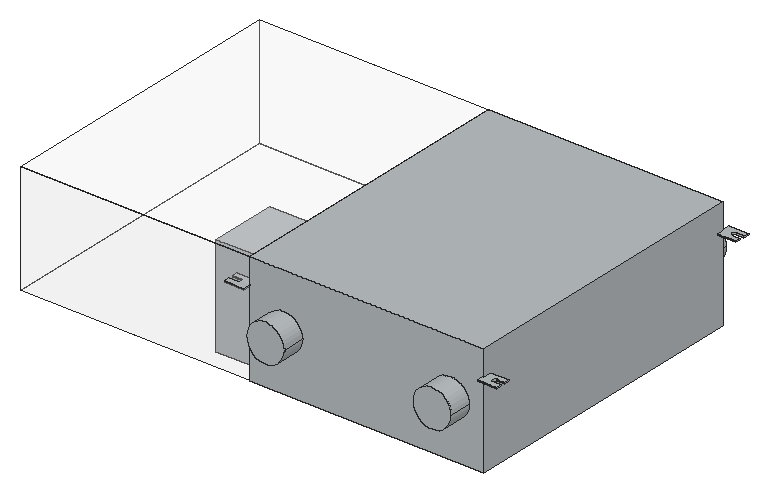
Revit family "lgh-n15_100rxw_rxv(d)_50Hz", category 機械設備, Revit 2019
Family settings
  丸型コネクタ寸法 = 直径を使用
  パーツ タイプ = 標準
  OmniClass 番号 = 23.75.10.34.21
  OmniClass タイトル = Heat Exchangers for Ventilation Air
  作業面ベース = いいえ
  常に垂直 = はい
  ロード時にボイドで切り取り = いいえ
  共有 = いいえ
  部屋計算ポイント = はい
Parameters (values of type "LGH-N15RXW_100V")
  騒音レベル(dB(A)) = 31
  風量 = SMAX風量  # 150.0 m³/h
  面風速 = 5.31 m/s
  電源種別 [instance] = "一般"
  電圧 = 100 V
  電動機出力 = 0 W
  集中コントローラ = ""
  運転質量 = 0.00 kg
  連動 [instance] = ""
  質量 = if(製品質量 > 運転質量, 製品質量, 運転質量) * 1.2  # 26.40 kg
  負荷分類 = 10_ファンコイル類
  説明 = "業務用ロスナイ 天井埋込形 DCマイコン"
  設計風量 = SMAX風量  # 150.0 m³/h
  設置方法 = "天井吊(隠ぺい)形"
  記号 [instance] = ""
  製造元 = "MITSIBISHI ELECTRIC"
  製品質量 = 22.00 kg
  製品出荷対象 = "国内"
  製品リリース年月 = "2020/7/20"
  製品グループ = ""
  系統 [instance] = ""
  符号 = "HEU"
  積算_科目 = "1 空気調和設備"
  積算_拾い区分 [instance] = ""
  相 = 1
  盤記号 [instance] = ""
  発停方法 [instance] = "別売スイッチ"
  特殊仕様 [instance] = ""
  点検口高さ = -Height  # -290 mm
  点検口離隔 = 150 mm
  点検口_Depth = 450 mm
  点検口 = yes
  火災停止 [instance] = "〇"
  温度交換効率 = 74.00%
  消費電力 = 85 W
  法定耐用年数 = "15"
  機外静圧_排気 = SMAX静圧  # 210.0 Pa
  機外静圧 = SMAX静圧  # 210.0 Pa
  極数 = 1
  材質 [instance] = ""
  本体マテリアル = 亜鉛めっき鋼板
  操作・制御方式 = ""
  操作・制御スイッチ = ""
  排気量 = SMAX風量  # 150.0 m³/h
  形式 = "天井埋込ダクト形"
  幹線記号 [instance] = ""
  対象室 [instance] = ""
  実風量 = SMAX風量  # 150.0 m³/h
  始動方式 [instance] = "直入"
  天吊金具_径 = 6.5 mm
  天吊金具_幅 = 20 mm
  外気量 = SMAX風量  # 150.0 m³/h
  呼称 = "全熱交換ユニット"
  周波数 = 50 Hz
  天吊金具ピッチ2 = 780 mm
  天吊金具ピッチ1 = 670 mm
  天吊金具_高さ = 65 mm
  参照している仕様書等のバージョン = "公共建築物標準仕様書（機械設備工事編）平成31年度版"
  初期抵抗 = 0.0 Pa
  分類コード = "50052504100070"
  分類グループ = ""
  価格 = 209000
  企業コード = "108420"
  付属品_フィルター_還気 = ""
  付属品_フィルター = ""
  付属品 [instance] = ""
  仕様書バージョン = "Version1.0"
  モデル = "LGH-N15RXW"
  メンテナンススペース = yes
  コメント [instance] = ""
  Keynote = ""
  エンタルピ交換効率_暖房 = 75.50%
  エンタルピ交換効率_冷房 = 64.50%
  Assembly Code = ""
  Width = 610 mm
  Version = ""
  Uniclass2015Version = "Systems v1.9"
  Uniclass2015Title = "Thermal wheels"
  Uniclass2015Code = "Pr_60_60_36_88"
  URL = "https://www.mitsubishielectric.co.jp/ldg/wink/ssl/displayProduct.do?pid=306592&ccd=2020171025"
  SpecificationReference = ""
  SpecificationDescription = ""
  SMAX風量 = 150.0 m³/h
  SMAX静圧 = 210.0 Pa
  SAサイズ_D = 97.5 mm
  Revision = ""
  RAサイズ_D = 97.5 mm
  ProductInformation = ""
  OmniClassCode = "23-27 23 19 11"
  OAダクト接続口方向_標準 = yes
  OAダクト接続口方向_変更 = not(OAダクト接続口方向_標準)  # no
  OAサイズ_W = 0 mm
  OAサイズ_D = 97.5 mm
  MIN風量 = 66.0 m³/h
  MIN静圧 = 35.0 Pa
  MID風量 = 108.0 m³/h
  MID静圧 = 93.0 Pa
  MAX風量 = 150.0 m³/h
  MAX静圧 = 180.0 Pa
  IfcTypeProduct = ""
  IfcProduct = ""
  IfcExportType = "ROTARYWHEEL"
  IfcExportAs = "IfcAirToAirHeatRecoveryType"
  Height = 290 mm
  EAダクト接続口方向_変更 = not(EAダクト接続口方向_標準)  # no
  EAダクト接続口方向_標準 = yes
  EAサイズ_W = 0 mm
  EAサイズ_D = 97.5 mm
  Duct_Pitch = 435 mm
  Duct_Height = 145 mm
  Duct_Depth = 59 mm
  DuctChange_Center = 118 mm
  Depth = 780 mm
  Clearance Top = Height  # 290 mm
  Clearance Left = 600 mm
  Box_Width = 175 mm
  Box_Height = 261 mm
  Box_H = 15 mm
  Box_Depth = 115 mm
  Box_W = 33 mm
  Author = "MITSUBISHI ELECTRIC"
Types (14, lengths in mm): name | 騒音レベル(dB(A)) | 風量 | 面風速 | 電圧 | 質量 | 設計風量 | 製品質量 | 点検口高さ | 温度交換効率 | 消費電力 | 機外静圧_排気 | 機外静圧 | 排気量 | 実風量 | 外気量 | 天吊金具ピッチ2 | 天吊金具ピッチ1 | 天吊金具_高さ | 価格 | モデル | エンタルピ交換効率_暖房 | エンタルピ交換効率_冷房 | Width | URL | SMAX風量 | SMAX静圧 | SAサイズ_D | RAサイズ_D | OAサイズ_D | MIN風量 | MIN静圧 | MID風量 | MID静圧 | MAX風量 | MAX静圧 | Height | EAサイズ_D | Duct_Pitch | Duct_Height | Duct_Depth | DuctChange_Center | Depth | Clearance Top | Box_H | Box_W
  LGH-N15RXW_100V | 31 | 150.0 m³/h | 5.31 m/s | 100 V | 26.40 kg | 150.0 m³/h | 22.00 kg | -290 | 74.00% | 85 W | 210.0 Pa | 210.0 Pa | 150.0 m³/h | 150.0 m³/h | 150.0 m³/h | 780 | 670 | 65 | 209000 | "LGH-N15RXW" | 75.50% | 64.50% | 610 | "https://www.mitsubishielectric.co.jp/ldg/wink/ssl/displayProduct.do?pid=306592&ccd=2020171025" | 150.0 m³/h | 210.0 Pa | 97.5 | 97.5 | 97.5 | 66.0 m³/h | 35.0 Pa | 108.0 m³/h | 93.0 Pa | 150.0 m³/h | 180.0 Pa | 290 | 97.5 | 435 | 145 | 59 | 118 | 780 | 290 | 15 | 33
  LGH-N15RXW_200V | 31 | 150.0 m³/h | 5.31 m/s | 200 V | 26.40 kg | 150.0 m³/h | 22.00 kg | -290 | 74.00% | 85 W | 210.0 Pa | 210.0 Pa | 150.0 m³/h | 150.0 m³/h | 150.0 m³/h | 780 | 670 | 65 | 209000 | "LGH-N15RXW" | 75.50% | 64.50% | 610 | "https://www.mitsubishielectric.co.jp/ldg/wink/ssl/displayProduct.do?pid=306592&ccd=2020171025" | 150.0 m³/h | 210.0 Pa | 97.5 | 97.5 | 97.5 | 66.0 m³/h | 35.0 Pa | 108.0 m³/h | 93.0 Pa | 150.0 m³/h | 180.0 Pa | 290 | 97.5 | 435 | 145 | 59 | 118 | 780 | 290 | 15 | 33
  LGH-N25RXW_100V | 30 | 250.0 m³/h | 3.93 m/s | 100 V | 27.60 kg | 250.0 m³/h | 23.00 kg | -290 | 70.00% | 110 W | 170.0 Pa | 170.0 Pa | 250.0 m³/h | 250.0 m³/h | 250.0 m³/h | 780 | 795 | 65 | 229000 | "LGH-N25RXW" | 73.00% | 63.00% | 735 | "https://www.mitsubishielectric.co.jp/ldg/wink/ssl/displayProduct.do?pid=306594&ccd=2020171025" | 250.0 m³/h | 170.0 Pa | 142 | 142 | 142 | 110.0 m³/h | 28.0 Pa | 180.0 m³/h | 75.0 Pa | 250.0 m³/h | 145.0 Pa | 290 | 142 | 520 | 145 | 69 | 118 | 780 | 290 | 15 | 33
  LGH-N25RXW_200V | 30 | 250.0 m³/h | 3.93 m/s | 200 V | 27.60 kg | 250.0 m³/h | 23.00 kg | -290 | 70.00% | 110 W | 170.0 Pa | 170.0 Pa | 250.0 m³/h | 250.0 m³/h | 250.0 m³/h | 780 | 795 | 65 | 229000 | "LGH-N25RXW" | 73.00% | 63.00% | 735 | "https://www.mitsubishielectric.co.jp/ldg/wink/ssl/displayProduct.do?pid=306594&ccd=2020171025" | 250.0 m³/h | 170.0 Pa | 142 | 142 | 142 | 110.0 m³/h | 28.0 Pa | 180.0 m³/h | 75.0 Pa | 250.0 m³/h | 145.0 Pa | 290 | 142 | 520 | 145 | 69 | 118 | 780 | 290 | 15 | 33
  LGH-N35RXW_100V | 33 | 350.0 m³/h | 5.5 m/s | 100 V | 38.40 kg | 350.0 m³/h | 32.00 kg | -330 | 71.50% | 210 W | 300.0 Pa | 300.0 Pa | 350.0 m³/h | 350.0 m³/h | 350.0 m³/h | 890 | 935 | 70 | 252000 | "LGH-N35RXW" | 74.50% | 65.50% | 875 | "https://www.mitsubishielectric.co.jp/ldg/wink/ssl/displayProduct.do?pid=306595&ccd=2020171025" | 350.0 m³/h | 300.0 Pa | 142 | 142 | 142 | 154.0 m³/h | 36.0 Pa | 252.0 m³/h | 96.0 Pa | 350.0 m³/h | 185.0 Pa | 330 | 142 | 600 | 165 | 69 | 140 | 890 | 330 | 23 | 68
  LGH-N35RXW_200V | 33 | 350.0 m³/h | 5.5 m/s | 200 V | 38.40 kg | 350.0 m³/h | 32.00 kg | -330 | 71.50% | 210 W | 300.0 Pa | 300.0 Pa | 350.0 m³/h | 350.0 m³/h | 350.0 m³/h | 890 | 935 | 70 | 252000 | "LGH-N35RXW" | 74.50% | 65.50% | 875 | "https://www.mitsubishielectric.co.jp/ldg/wink/ssl/displayProduct.do?pid=306595&ccd=2020171025" | 350.0 m³/h | 300.0 Pa | 142 | 142 | 142 | 154.0 m³/h | 36.0 Pa | 252.0 m³/h | 96.0 Pa | 350.0 m³/h | 185.0 Pa | 330 | 142 | 600 | 165 | 69 | 140 | 890 | 330 | 23 | 68
  LGH-N50RXW_100V | 37 | 500.0 m³/h | 4.42 m/s | 100 V | 43.20 kg | 500.0 m³/h | 36.00 kg | -330 | 71.00% | 315 W | 310.0 Pa | 310.0 Pa | 500.0 m³/h | 500.0 m³/h | 500.0 m³/h | 890 | 1080 | 70 | 310000 | "LGH-N50RXW" | 73.00% | 63.00% | 1020 | "https://www.mitsubishielectric.co.jp/ldg/wink/ssl/displayProduct.do?pid=306596&ccd=2020171025" | 500.0 m³/h | 310.0 Pa | 192 | 192 | 192 | 220.0 m³/h | 37.0 Pa | 360.0 m³/h | 98.0 Pa | 500.0 m³/h | 190.0 Pa | 330 | 192 | 700 | 165 | 84 | 130 | 890 | 330 | 23 | 68
  LGH-N50RXW_200V | 37 | 500.0 m³/h | 4.42 m/s | 200 V | 43.20 kg | 500.0 m³/h | 36.00 kg | -330 | 71.00% | 315 W | 310.0 Pa | 310.0 Pa | 500.0 m³/h | 500.0 m³/h | 500.0 m³/h | 890 | 1080 | 70 | 310000 | "LGH-N50RXW" | 73.00% | 63.00% | 1020 | "https://www.mitsubishielectric.co.jp/ldg/wink/ssl/displayProduct.do?pid=306596&ccd=2020171025" | 500.0 m³/h | 310.0 Pa | 192 | 192 | 192 | 220.0 m³/h | 37.0 Pa | 360.0 m³/h | 98.0 Pa | 500.0 m³/h | 190.0 Pa | 330 | 192 | 700 | 165 | 84 | 130 | 890 | 330 | 23 | 68
  LGH-N65RXW_100V | 40 | 650.0 m³/h | 5.75 m/s | 100 V | 50.40 kg | 650.0 m³/h | 42.00 kg | -404 | 71.50% | 445 W | 320.0 Pa | 320.0 Pa | 650.0 m³/h | 650.0 m³/h | 650.0 m³/h | 984 | 952 | 76 | 415000 | "LGH-N65RXW" | 72.00% | 63.00% | 892 | "https://www.mitsubishielectric.co.jp/ldg/wink/ssl/displayProduct.do?pid=306597&ccd=2020171025" | 650.0 m³/h | 320.0 Pa | 192 | 192 | 192 | 286.0 m³/h | 45.0 Pa | 468.0 m³/h | 119.0 Pa | 650.0 m³/h | 230.0 Pa | 404 | 192 | 620 | 202 | 84 | 122 | 984 | 404 | 57 | 71
  LGH-N65RXW_200V | 40 | 650.0 m³/h | 5.75 m/s | 200 V | 50.40 kg | 650.0 m³/h | 42.00 kg | -404 | 71.50% | 445 W | 320.0 Pa | 320.0 Pa | 650.0 m³/h | 650.0 m³/h | 650.0 m³/h | 984 | 952 | 76 | 415000 | "LGH-N65RXW" | 72.00% | 63.00% | 892 | "https://www.mitsubishielectric.co.jp/ldg/wink/ssl/displayProduct.do?pid=306597&ccd=2020171025" | 650.0 m³/h | 320.0 Pa | 192 | 192 | 192 | 286.0 m³/h | 45.0 Pa | 468.0 m³/h | 119.0 Pa | 650.0 m³/h | 230.0 Pa | 404 | 192 | 620 | 202 | 84 | 122 | 984 | 404 | 57 | 71
  LGH-N80RXV | 40 | 800.0 m³/h | 4.53 m/s | 100 V | 62.40 kg | 800.0 m³/h | 52.00 kg | -404 | 73.00% | 540 W | 310.0 Pa | 310.0 Pa | 800.0 m³/h | 800.0 m³/h | 800.0 m³/h | 1144 | 1064 | 76 | 495000 | "LGH-N80RXV" | 75.00% | 65.00% | 1004 | "https://www.mitsubishielectric.co.jp/ldg/wink/ssl/displayProduct.do?pid=306598&ccd=2020171025" | 800.0 m³/h | 310.0 Pa | 242 | 242 | 242 | 352.0 m³/h | 37.0 Pa | 576.0 m³/h | 98.0 Pa | 800.0 m³/h | 190.0 Pa | 404 | 242 | 690 | 202 | 84 | 165 | 1144 | 404 | 88 | 146
  LGH-N80RXVD | 40 | 800.0 m³/h | 4.53 m/s | 200 V | 62.40 kg | 800.0 m³/h | 52.00 kg | -404 | 73.00% | 540 W | 310.0 Pa | 310.0 Pa | 800.0 m³/h | 800.0 m³/h | 800.0 m³/h | 1144 | 1064 | 76 | 495000 | "LGH-N80RXVD" | 75.00% | 65.00% | 1004 | "https://www.mitsubishielectric.co.jp/ldg/wink/ssl/displayProduct.do?pid=306599&ccd=2020171025" | 800.0 m³/h | 310.0 Pa | 242 | 242 | 242 | 352.0 m³/h | 37.0 Pa | 576.0 m³/h | 98.0 Pa | 800.0 m³/h | 190.0 Pa | 404 | 242 | 690 | 202 | 84 | 165 | 1144 | 404 | 88 | 146
  LGH-N100RXV | 38 | 1000.0 m³/h | 5.66 m/s | 100 V | 68.40 kg | 1000.0 m³/h | 57.00 kg | -404 | 73.00% | 580 W | 225.0 Pa | 225.0 Pa | 1000.0 m³/h | 1000.0 m³/h | 1000.0 m³/h | 1144 | 1291 | 76 | 564000 | "LGH-N100RXV" | 75.00% | 65.00% | 1231 | "https://www.mitsubishielectric.co.jp/ldg/wink/ssl/displayProduct.do?pid=306589&ccd=2020171025" | 1000.0 m³/h | 225.0 Pa | 242 | 242 | 242 | 440.0 m³/h | 32.0 Pa | 720.0 m³/h | 86.0 Pa | 1000.0 m³/h | 165.0 Pa | 404 | 242 | 917 | 202 | 84 | 165 | 1144 | 404 | 88 | 146
  LGH-N100RXVD | 38 | 1000.0 m³/h | 5.66 m/s | 200 V | 68.40 kg | 1000.0 m³/h | 57.00 kg | -404 | 73.00% | 580 W | 225.0 Pa | 225.0 Pa | 1000.0 m³/h | 1000.0 m³/h | 1000.0 m³/h | 1144 | 1291 | 76 | 564000 | "LGH-N100RXVD" | 75.00% | 65.00% | 1231 | "https://www.mitsubishielectric.co.jp/ldg/wink/ssl/displayProduct.do?pid=306590&ccd=2020171025" | 1000.0 m³/h | 225.0 Pa | 242 | 242 | 242 | 440.0 m³/h | 32.0 Pa | 720.0 m³/h | 86.0 Pa | 1000.0 m³/h | 165.0 Pa | 404 | 242 | 917 | 202 | 84 | 165 | 1144 | 404 | 88 | 146
Reference planes
  plane 1 "中心(正面/背面)": y = 0
  plane 2: z = 0
  plane 3 "中心(左/右)": x = 0
  plane 4: x = -305
  plane 5: x = 305
  plane 6: y = 390
  plane 7: y = -390
  plane 8: z = -290
  plane 9: z = -145
  plane 10: x = -217.5
  plane 11: x = 217.5
  plane 12: y = -449
  plane 13: y = 449
  plane 14: y = 272
  plane 15: x = -364
  plane 16: x = 364
  plane 17: x = -905
  plane 18: y = -357
  plane 19: y = -182
  plane 20: z = -15
  plane 21: z = -276
  plane 22: x = -420
  plane 23: x = -455
  plane 24: y = 225
  plane 25: x = -335
  plane 26: x = 335
  plane 27: y = 390
  plane 28: y = -390
  plane 29: y = -225
  plane 30: x = -355
  plane 31: y = 410
  plane 32: y = 370
  plane 33: y = -370
  plane 34: y = -410
  plane 35: z = -5
  plane 36: z = -65
  plane 37: z = -68
  plane 38: x = 355
Forms (mm)
  Extrusion 1, solid, material "亜鉛めっき鋼板" <- "本体マテリアル", detail levels fine
    sketch origin (0, 0, 0) x (1, 0, 0) y (0, 1, 0)
      loop
        line (-305, 390) -> (-305, -390) -> (305, -390) -> (305, 390) -> (-305, 390)
    from 0 to -290
  Extrusion 2, solid, material "亜鉛めっき鋼板" <- "本体マテリアル", detail levels fine
    sketch origin (510, -445, 0) x (-1, 0, 0) y (0, 0, -1)
      loop
        circle (292.5, 145) r 48.75
    from -55 to 4
  Extrusion 3, solid, material "亜鉛めっき鋼板" <- "本体マテリアル", detail levels fine
    sketch origin (-305, -390, 0) x (0, 1, 0) y (0, 0, -1)
      loop
        line (208, 15) -> (208, 276) -> (33, 276) -> (33, 15) -> (208, 15)
    from 0 to 115
  Extrusion 4, solid, material "亜鉛めっき鋼板" <- "本体マテリアル", detail levels fine
    sketch origin (0, 0, 0) x (1, 0, 0) y (0, 1, 0)
      loop
        line (-355, 410) -> (-355, 396.5) -> (-335, 396.5)
        arc (-335, 396.5) -> (-328.5, 390) -> (-335, 383.5) r 6.5
        line (-335, 383.5) -> (-355, 383.5) -> (-355, 370) -> (-305, 370) -> (-305, 410) -> (-355, 410)
    from -65 to -68
  Extrusion 5, solid, material "亜鉛めっき鋼板" <- "本体マテリアル", detail levels fine
    sketch origin (0, 0, 0) x (1, 0, 0) y (0, 1, 0)
      loop
        line (-355, -410) -> (-305, -410) -> (-305, -370) -> (-355, -370) -> (-355, -383.5) -> (-335, -383.5)
        arc (-335, -383.5) -> (-328.5, -390) -> (-335, -396.5) r 6.5
        line (-335, -396.5) -> (-355, -396.5) -> (-355, -410)
    from -65 to -68
  Extrusion 6, solid, material "亜鉛めっき鋼板" <- "本体マテリアル", detail levels fine
    sketch origin (0, 0, 0) x (-1, 0, 0) y (0, -1, 0)
      loop
        line (-355, 410) -> (-355, 396.5) -> (-335, 396.5)
        arc (-335, 396.5) -> (-328.5, 390) -> (-335, 383.5) r 6.5
        line (-335, 383.5) -> (-355, 383.5) -> (-355, 370) -> (-305, 370) -> (-305, 410) -> (-355, 410)
    from -65 to -68
  Extrusion 7, solid, material "亜鉛めっき鋼板" <- "本体マテリアル", detail levels fine
    sketch origin (0, 0, 0) x (-1, 0, 0) y (0, -1, 0)
      loop
        line (-355, -410) -> (-305, -410) -> (-305, -370) -> (-355, -370) -> (-355, -383.5) -> (-335, -383.5)
        arc (-335, -383.5) -> (-328.5, -390) -> (-335, -396.5) r 6.5
        line (-335, -396.5) -> (-355, -396.5) -> (-355, -410)
    from -65 to -68
  Extrusion 8, solid, material "亜鉛めっき鋼板" <- "本体マテリアル", visible <- "EAダクト接続口方向_標準", detail levels fine
    sketch origin (510, 445, 0) x (-1, 0, 0) y (0, 0, 1)
      loop
        circle (292.5, -145) r 48.75
    from -55 to 4
  Extrusion 9, solid, material "亜鉛めっき鋼板" <- "本体マテリアル", visible <- "OAダクト接続口方向_標準", detail levels fine
    sketch origin (-510, 445, 0) x (1, 0, 0) y (0, 0, -1)
      loop
        circle (292.5, 145) r 48.75
    from -55 to 4
  Extrusion 10, solid, material "亜鉛めっき鋼板" <- "本体マテリアル", detail levels fine
    sketch origin (-510, -445, 0) x (1, 0, 0) y (0, 0, 1)
      loop
        circle (292.5, -145) r 48.75
    from -55 to 4
  Extrusion 11, solid, material "亜鉛めっき鋼板" <- "本体マテリアル", visible <- "EAダクト接続口方向_変更", detail levels fine
    sketch origin (0, 0, 0) x (0, 1, 0) y (0, 0, 1)
      loop
        circle (272, -145) r 48.75
    from 305 to 364
  Extrusion 12, solid, material "亜鉛めっき鋼板" <- "本体マテリアル", visible <- "OAダクト接続口方向_変更", detail levels fine
    sketch origin (0, 0, 0) x (0, 1, 0) y (0, 0, -1)
      loop
        circle (272, 145) r 48.75
    from 305 to 364
Lines and regions (mm)
  Masking region 1, detail levels coarse+medium
    outline origin (1326.5, 29, 0) x (1, 0, 0) y (0, 1, 0)
      loop
        line (-1631.5, 361) -> (-1631.5, -419) -> (-1021.5, -419) -> (-1021.5, 361) -> (-1631.5, 361)
  symbolic lines, detail levels coarse+medium
    curve 1: line (0, 390, 0) -> (-305, 0, 0)
    curve 2: line (-305, 0, 0) -> (0, -390, 0)
    curve 3: line (0, -390, 0) -> (305, 0, 0)
    curve 4: line (305, 0, 0) -> (0, 390, 0)
Dimensions and locks
  equal spacing: plane 4, plane 3 "中心(左/右)", plane 5
  "Width": plane 4 to plane 5
  equal spacing: plane 6, plane 1 "中心(正面/背面)", plane 7
  "Depth": plane 6 to plane 7
  "Height": level to plane 8
  "Duct_Height": level to plane 9
  equal spacing: plane 11, plane 3 "中心(左/右)", plane 10
  "Duct_Pitch": plane 11 to plane 10
  "Duct_Depth": plane 13 to plane 6
  "Duct_Depth": plane 7 to plane 12
  "DuctChange_Center": plane 6 to plane 14
  "Duct_Depth": plane 5 to plane 16
  "Duct_Depth": plane 15 to plane 4
  "Clearance Left": plane 17 to plane 4
  "Clearance Top": nested 1 to plane 8
  "Box_H": level to plane 20
  "Box_Height": plane 20 to plane 21
  "Box_W": plane 18 to plane 7
  "Box_Width": plane 19 to plane 18
  "Box_Depth": plane 22 to plane 4
  "点検口離隔": plane 23 to plane 4
  equal spacing: plane 25, plane 3 "中心(左/右)", plane 26
  "天吊金具ピッチ1": plane 25 to plane 26
  equal spacing: plane 27, plane 1 "中心(正面/背面)", plane 28
  "天吊金具ピッチ2": plane 27 to plane 28
  equal spacing: plane 24, plane 1 "中心(正面/背面)", plane 29
  "点検口_Depth": plane 24 to plane 29
  equal spacing: plane 31, plane 27, plane 32
  locked: plane 31 to plane 32 at 40
  "天吊金具_幅": plane 30 to plane 25
  "天吊金具_高さ": level to plane 36
  locked: plane 36 to plane 37 at 3
  equal spacing: plane 33, plane 28, plane 34
  locked: plane 33 to plane 34 at 40
  "天吊金具_幅": plane 26 to plane 38
  "RAサイズ_D": diameter of Extrusion 2 sketch curve
  "天吊金具_径": radius of Extrusion 4 sketch curve
  "天吊金具_径": radius of Extrusion 5 sketch curve
  "天吊金具_径": radius of Extrusion 6 sketch curve
  "天吊金具_径": radius of Extrusion 7 sketch curve
  "EAサイズ_D": diameter of Extrusion 8 sketch curve
  "OAサイズ_D": diameter of Extrusion 9 sketch curve
  "SAサイズ_D": diameter of Extrusion 10 sketch curve
  "EAサイズ_D": diameter of Extrusion 11 sketch curve
  "EAサイズ_D": diameter of Extrusion 12 sketch curve
  aligned and locked: level to plane 2
  aligned and locked: Extrusion 1 to plane 8
  aligned and locked: plane 7 to Extrusion 2
  aligned and locked: Extrusion 2 to plane 12
  aligned and locked: plane 17 to nested 1
  aligned and locked: plane 4 to nested 1
  aligned and locked: nested 1 to plane 6
  aligned and locked: nested 1 to plane 7
  aligned and locked: plane 2 to nested 1
  aligned and locked: plane 8 to nested 1
  aligned and locked: Extrusion 3 to plane 22
  aligned and locked: plane 4 to Extrusion 3
  aligned and locked: Masking region 1 to plane 4
  aligned and locked: plane 5 to Masking region 1
  aligned and locked: plane 6 to Masking region 1
  aligned and locked: Masking region 1 to plane 7
  aligned and locked: plane 26 to nested 2
  aligned and locked: plane 25 to nested 2
  aligned and locked: nested 2 to plane 28
  aligned and locked: plane 27 to nested 2
  aligned and locked: Extrusion 3 to plane 19
  aligned and locked: Extrusion 3 to plane 21
  aligned and locked: plane 20 to Extrusion 3
  aligned and locked: plane 18 to Extrusion 3
  aligned and locked: plane 23 to nested 3
  aligned and locked: plane 17 to nested 3
  aligned and locked: plane 24 to nested 3
  aligned and locked: nested 3 to plane 29
  aligned and locked: plane 4 to Extrusion 4
  aligned and locked: Extrusion 4 to plane 30  (x2)
  aligned and locked: plane 31 to Extrusion 4
  aligned and locked: Extrusion 4 to plane 36
  aligned and locked: Extrusion 4 to plane 37
  aligned and locked: plane 4 to Extrusion 5
  aligned and locked: plane 33 to Extrusion 5
  aligned and locked: Extrusion 5 to plane 34
  aligned and locked: Extrusion 5 to plane 30  (x2)
  aligned and locked: Extrusion 5 to Extrusion 4  (x2)
  aligned and locked: Extrusion 7 to plane 38  (x2)
  aligned and locked: Extrusion 7 to plane 32
  aligned and locked: plane 31 to Extrusion 7
  aligned and locked: Extrusion 6 to plane 38
  aligned and locked: Extrusion 6 to plane 34
  aligned and locked: Extrusion 6 to plane 5
  aligned and locked: plane 33 to Extrusion 6
  aligned and locked: Extrusion 6 to plane 37
  aligned and locked: plane 36 to Extrusion 6
  aligned and locked: Extrusion 7 to plane 37
  aligned and locked: plane 36 to Extrusion 7
  aligned and locked: plane 13 to Extrusion 8
  aligned and locked: Extrusion 8 to plane 6
  aligned and locked: plane 13 to Extrusion 9
  aligned and locked: Extrusion 9 to plane 6
  aligned and locked: Extrusion 10 to plane 12
  aligned and locked: plane 7 to Extrusion 10
  aligned and locked: plane 16 to Extrusion 11
  aligned and locked: Extrusion 11 to plane 5
  aligned and locked: plane 4 to Extrusion 12
  aligned and locked: Extrusion 12 to plane 15
Automatic sketch dimensions
  plane 1 "中心(正面/背面)" to curve 1 = 0 mm
  curve 1 to plane 4 = 0 mm
  curve 2 to plane 3 "中心(左/右)" = 0 mm
  curve 4 to plane 3 "中心(左/右)" = 0 mm
  plane 1 "中心(正面/背面)" to curve 4 = 0 mm
  curve 4 to plane 5 = 0 mm
  curve 2 to plane 7 = 0 mm
  curve 4 to plane 6 = 0 mm
  Extrusion 1 sketch curve to plane 4 = 0 mm
  Extrusion 1 sketch curve to plane 5 = 0 mm
  Extrusion 1 sketch curve to plane 7 = 0 mm
  Extrusion 1 sketch curve to plane 6 = 0 mm
  Extrusion 2 sketch curve to plane 9 = 0 mm
  Extrusion 2 sketch curve to plane 11 = 0 mm
  Extrusion 3 sketch curve to Extrusion 1 = 33 mm
  Extrusion 1 to Extrusion 3 sketch curve = 14 mm
  Extrusion 3 sketch curve to Extrusion 3 sketch curve = 175 mm
  Extrusion 1 to Extrusion 3 sketch curve = 15 mm
  Masking region 1 sketch curve to plane 4 = 0 mm
  Masking region 1 sketch curve to plane 5 = 0 mm
  Masking region 1 sketch curve to plane 7 = 0 mm
  Masking region 1 sketch curve to plane 6 = 0 mm
  Extrusion 8 sketch curve to plane 9 = 0 mm
  Extrusion 8 sketch curve to plane 11 = 0 mm
  Extrusion 9 sketch curve to plane 9 = 0 mm
  Extrusion 9 sketch curve to plane 10 = 0 mm
  Extrusion 10 sketch curve to plane 9 = 0 mm
  Extrusion 10 sketch curve to plane 10 = 0 mm
  Extrusion 11 sketch curve to plane 9 = 0 mm
  Extrusion 11 sketch curve to plane 14 = 0 mm
  Extrusion 12 sketch curve to plane 9 = 0 mm
  Extrusion 12 sketch curve to plane 14 = 0 mm
  Extrusion 4 sketch curve to plane 30 = 0 mm  (x2)
  Extrusion 4 sketch curve to plane 25 = 0 mm
  Extrusion 4 sketch curve to plane 4 = 0 mm
  Extrusion 4 sketch curve to plane 32 = 0 mm
  Extrusion 4 sketch curve to plane 6 = 0 mm
  Extrusion 4 sketch curve to plane 31 = 0 mm
  Extrusion 5 sketch curve to plane 30 = 0 mm  (x2)
  Extrusion 5 sketch curve to plane 25 = 0 mm
  Extrusion 5 sketch curve to plane 4 = 0 mm
  Extrusion 5 sketch curve to plane 33 = 0 mm
  Extrusion 5 sketch curve to plane 7 = 0 mm
  Extrusion 5 sketch curve to plane 34 = 0 mm
  Extrusion 6 sketch curve to plane 34 = 0 mm
  Extrusion 6 sketch curve to plane 38 = 0 mm  (x2)
  Extrusion 6 sketch curve to plane 26 = 0 mm
  Extrusion 6 sketch curve to plane 5 = 0 mm
  Extrusion 6 sketch curve to plane 33 = 0 mm
  Extrusion 6 sketch curve to plane 7 = 0 mm
  Extrusion 7 sketch curve to plane 31 = 0 mm
  Extrusion 7 sketch curve to plane 38 = 0 mm  (x2)
  Extrusion 7 sketch curve to plane 26 = 0 mm
  Extrusion 7 sketch curve to plane 5 = 0 mm
  Extrusion 7 sketch curve to plane 32 = 0 mm
  Extrusion 7 sketch curve to plane 6 = 0 mm
Nested families
  nested 1: "メンテナンススペース" at (-605, 0, -145), visible <- "メンテナンススペース", type "メンテナンススペース"
    with Width 600 mm, Height 290 mm, Depth 780 mm
  nested 2: "固定点" at (-335, -390, 0), type "固定点"
    with W 670 mm, D 780 mm
  nested 3: "点検口設置範囲" at (-680, 0, -290), built-in parameter 1001364 <- "点検口高さ", visible <- "点検口", type "点検口設置範囲"
    with Width 450 mm, Depth 450 mm
Connectors
  hvac at (217.5, -449, -145), driven by "RAサイズ_D", driven by "機外静圧", driven by "風量"
    settings: on Extrusion 2, index 2, duct flow 150.0 m³/h, flow factor 0, pres drop 210.0 Pa, loss coef 0, conn angle 0.00°, conn width 304.8 mm, conn height 304.8 mm, conn diameter 97.5 mm, duct sys type 2, conn prof type 0, flow config 0, flow direction 1, loss method 4, conn ref index -1, conn util no, is conn primary yes, conn desc ""
  electrical at (-362.5, -357, -145.5), driven by "負荷分類", driven by "相", driven by "電圧", driven by "消費電力"
    settings: on Extrusion 3, index 7, voltage 100 V, apparent load 85 VA, apparent load phase1 0 VA, apparent load phase2 0 VA, apparent load phase3 0 VA, power factor 1, load classification "10_ファンコイル類", number of poles 1, system type 30, power factor state 1, is connector primary yes, connector utility no, sub classification motor no, connector description ""
  hvac at (217.5, 449, -145), driven by "EAサイズ_D", driven by "排気量", driven by "機外静圧_排気"
    settings: on Extrusion 8, index 8, duct flow 150.0 m³/h, flow factor 0, pres drop 210.0 Pa, loss coef 0, conn angle 0.00°, conn width 304.8 mm, conn height 304.8 mm, conn diameter 97.5 mm, duct sys type 3, conn prof type 0, flow config 0, flow direction 2, loss method 4, conn ref index -1, conn util no, is conn primary no, conn desc ""
  hvac at (-217.5, 449, -145), driven by "OAサイズ_D", driven by "外気量", driven by "機外静圧"
    settings: on Extrusion 9, index 9, duct flow 150.0 m³/h, flow factor 0, pres drop 210.0 Pa, loss coef 0, conn angle 0.00°, conn width 304.8 mm, conn height 304.8 mm, conn diameter 97.5 mm, duct sys type 4, conn prof type 0, flow config 0, flow direction 1, loss method 4, conn ref index -1, conn util no, is conn primary no, conn desc ""
  hvac at (-217.5, -449, -145), driven by "SAサイズ_D", driven by "風量", driven by "機外静圧"
    settings: on Extrusion 10, index 10, duct flow 150.0 m³/h, flow factor 0, pres drop 210.0 Pa, loss coef 0, conn angle 0.00°, conn width 304.8 mm, conn height 304.8 mm, conn diameter 97.5 mm, duct sys type 1, conn prof type 0, flow config 0, flow direction 2, loss method 4, conn ref index -1, conn util no, is conn primary no, conn desc ""
  hvac at (364, 272, -145), driven by "EAサイズ_D", driven by "機外静圧_排気", driven by "排気量"
    settings: on Extrusion 11, index 11, duct flow 150.0 m³/h, flow factor 0, pres drop 210.0 Pa, loss coef 0, conn angle 0.00°, conn width 304.8 mm, conn height 304.8 mm, conn diameter 97.5 mm, duct sys type 3, conn prof type 0, flow config 0, flow direction 2, loss method 4, conn ref index -1, conn util no, is conn primary no, conn desc ""
  hvac at (-364, 272, -145), driven by "EAサイズ_D", driven by "機外静圧", driven by "外気量"
    settings: on Extrusion 12, index 12, duct flow 150.0 m³/h, flow factor 0, pres drop 210.0 Pa, loss coef 0, conn angle 0.00°, conn width 304.8 mm, conn height 304.8 mm, conn diameter 97.5 mm, duct sys type 4, conn prof type 0, flow config 0, flow direction 1, loss method 4, conn ref index -1, conn util no, is conn primary no, conn desc ""
Definition of nested family "メンテナンススペース"
  Parameters (values of type "メンテナンススペース")
    Width [instance] = 500 mm
    Height [instance] = 500 mm
    Depth [instance] = 500 mm
  Reference planes
    plane 1 "中心(正面/背面)": y = 0
    plane 2: z = 0
    plane 3 "中心(左/右)": x = 0
    plane 4: y = -250
    plane 5: x = 250
    plane 6: y = 250
    plane 7: x = -250
    plane 8: z = 250
    plane 9: z = -250
  Forms (mm)
    Extrusion 1, solid
      sketch origin (-638.939, 0, 72.39) x (1, 0, 0) y (0, 1, 0)
        loop
          line (388.939, 250) -> (388.939, -250) -> (888.939, -250) -> (888.939, 250) -> (388.939, 250)
      from -322.39 to 177.61
  Lines and regions (mm)
    symbolic lines
      curve 1: line (-250, 0, 250) -> (250, 0, 250)
      curve 2: line (-250, 0, -250) -> (-250, 0, 250)
      curve 3: line (250, 0, -250) -> (-250, 0, -250)
      curve 4: line (250, 0, 250) -> (250, 0, -250)
      curve 5: line (0, -250, 250) -> (0, 250, 250)
      curve 6: line (0, -250, -250) -> (0, -250, 250)
      curve 7: line (0, 250, -250) -> (0, -250, -250)
      curve 8: line (0, 250, 250) -> (0, 250, -250)
      curve 9: line (-250, 250, 0) -> (250, 250, 0)
      curve 10: line (-250, -250, 0) -> (-250, 250, 0)
      curve 11: line (250, -250, 0) -> (-250, -250, 0)
      curve 12: line (250, 250, 0) -> (250, -250, 0)
  Dimensions and locks
    equal spacing: plane 7, plane 3 "中心(左/右)", plane 5
    equal spacing: plane 4, plane 1 "中心(正面/背面)", plane 6
    "Depth": plane 4 to plane 6
    "Width": plane 7 to plane 5
    equal spacing: plane 8, plane 2, plane 9
    "Height": plane 8 to plane 9
    aligned and locked: plane 9 to curve 3
    aligned and locked: plane 7 to curve 2
    aligned and locked: curve 4 to plane 5
    aligned and locked: plane 5 to Extrusion 1
    aligned and locked: Extrusion 1 to plane 7
    aligned and locked: Extrusion 1 to plane 9
    aligned and locked: plane 8 to Extrusion 1
    aligned and locked: plane 9 to curve 7
  Automatic sketch dimensions
    plane 4 to Extrusion 1 sketch curve = 0 mm
    Extrusion 1 sketch curve to plane 7 = 0 mm
    Extrusion 1 sketch curve to plane 5 = 0 mm
    plane 6 to Extrusion 1 sketch curve = 0 mm
    curve 2 to plane 8 = 0 mm
    plane 4 to curve 11 = 0 mm
    curve 11 to plane 7 = 0 mm
    curve 11 to plane 5 = 0 mm
    plane 6 to curve 10 = 0 mm
    curve 7 to plane 4 = 0 mm
    curve 7 to plane 6 = 0 mm
    curve 6 to plane 8 = 0 mm
Definition of nested family "固定点"
  Parameters (values of type "固定点")
    中心円 = 20 mm
    W [instance] = 1000 mm
    D [instance] = 1000 mm
  Reference planes
    plane 1 "中心(正面/背面)": y = 0
    plane 2: z = 0
    plane 3 "中心(左/右)": x = 0
    plane 4: x = 1000
    plane 5: y = 1000
  Lines and regions (mm)
    symbolic lines, detail levels fine
      curve 1: circle (0, 1000, 0) r 10 normal (0, 0, 1)
      curve 2: circle (0, 0, 0) r 10 normal (0, 0, 1)
      curve 3: circle (1000, 1000, 0) r 10 normal (0, 0, 1)
      curve 4: circle (1000, 0, 0) r 10 normal (0, 0, 1)
      curve 5: line (-200, 1000, 0) -> (1200, 1000, 0)
      curve 6: line (-200, 0, 0) -> (1200, 0, 0)
      curve 7: line (0, 1200, 0) -> (0, -200, 0)
      curve 8: line (1000, 1200, 0) -> (1000, -200, 0)
  Dimensions and locks
    "W": plane 3 "中心(左/右)" to plane 4
    "D": plane 1 "中心(正面/背面)" to plane 5
    "中心円": diameter of curve 1
    "中心円": diameter of curve 2
    "中心円": diameter of curve 3
    "中心円": diameter of curve 4
    aligned and locked: level to plane 2
    aligned and locked: plane 5 to curve 1
    aligned and locked: plane 3 "中心(左/右)" to curve 1
    aligned and locked: plane 3 "中心(左/右)" to curve 2
    aligned and locked: plane 1 "中心(正面/背面)" to curve 2
    aligned and locked: plane 4 to curve 3
    aligned and locked: plane 5 to curve 3
    aligned and locked: plane 1 "中心(正面/背面)" to curve 4
    aligned and locked: plane 4 to curve 4
    aligned and locked: plane 1 "中心(正面/背面)" to curve 6
    aligned and locked: curve 7 to plane 3 "中心(左/右)"
    aligned and locked: curve 8 to plane 4
  Automatic sketch dimensions
    curve 5 to plane 5 = 0 mm
    curve 6 to plane 3 "中心(左/右)" = 200 mm
    curve 5 to plane 3 "中心(左/右)" = 200 mm
    curve 4 to curve 6 = 200 mm
    curve 3 to curve 5 = 200 mm
    plane 1 "中心(正面/背面)" to curve 8 = 200 mm
    plane 1 "中心(正面/背面)" to curve 7 = 200 mm
    curve 3 to curve 8 = 200 mm
    curve 1 to curve 7 = 200 mm
Definition of nested family "点検口設置範囲"
  Parameters (values of type "点検口設置範囲")
    Width [instance] = 1000 mm
    Depth [instance] = 700 mm
  Reference planes
    plane 1 "中心(正面/背面)": y = 0
    plane 2: z = 0
    plane 3 "中心(左/右)": x = 0
    plane 4: x = -500
    plane 5: x = 500
    plane 6: y = -350
    plane 7: y = 350
  Lines and regions (mm)
    model lines
      curve 1: line (-500, 350, 0) -> (500, 350, 0)
      curve 2: line (-500, -350, 0) -> (-500, 350, 0)
      curve 3: line (500, -350, 0) -> (-500, -350, 0)
      curve 4: line (500, 350, 0) -> (500, -350, 0)
  Dimensions and locks
    "Depth": plane 7 to plane 6
    "Width": plane 4 to plane 5
    equal spacing: plane 7, plane 1 "中心(正面/背面)", plane 6
    equal spacing: plane 4, plane 3 "中心(左/右)", plane 5
    aligned and locked: level to plane 2
    aligned and locked: plane 4 to curve 2
    aligned and locked: curve 1 to plane 7
    aligned and locked: curve 4 to plane 5
    aligned and locked: plane 6 to curve 3
